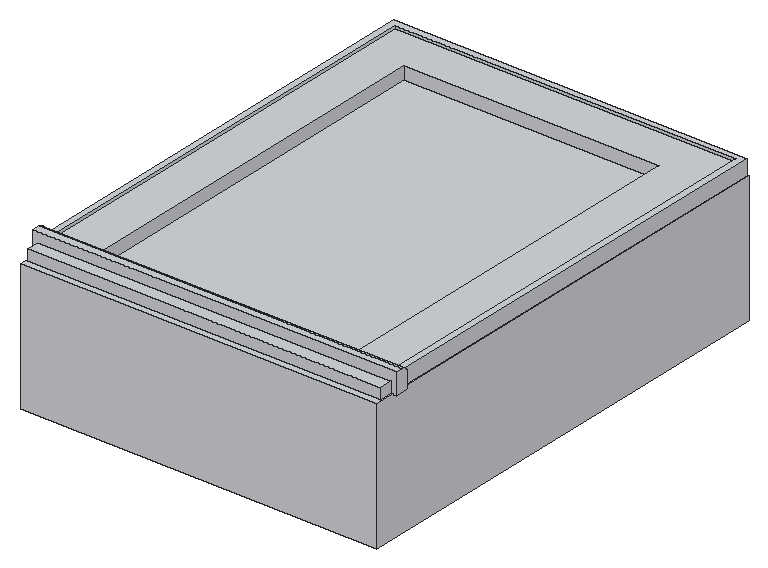
Revit family "M_Moldura-janela-interior-plana-apoio-colonial-1", category Modelos genéricos, Revit 2019
Family settings
  Hospedeiro = Face
  Pode hospedar o vergalhão = Não
  Cota do conector redondo = Utilizar diâmetro
  Tipo de parte = Normal
  Corte com vazios quando carregada = Não
  Compartilhado = Sim
  Ponto de cálculo do ambiente = Não
Parameters (values of type "com escudo")
  Largura da apara = 115 mm
  Espessura da apara = 30 mm
  Material da apara [instance] = none
  Espessura do peitoril = 30 mm
  Largura da abertura [instance] = 600 mm
  Altura da abertura [instance] = 900 mm
  Elevação-padrão = 1200 mm
  Largura do apoio = 15 mm
  Espessura do apoio = 6 mm
  Visibilidade do escudo = yes
  Espessura do escudo = 30 mm
Types (2, lengths in mm): name | Visibilidade do escudo
  com escudo | yes
  sem escudo | no
Reference planes
  plane 1 "Centro (Frente/Trás)": y = 0
  plane 2: z = 0
  plane 3 "Centro (Esquerda/Direita)": x = 0
  plane 4: y = 115
  plane 5 "Esquerda": x = -300
  plane 6 "Direita": x = 300
  plane 7 "Inferior": y = -900
  plane 8: x = 415
  plane 9: x = -415
  plane 10: z = 30
  plane 11: x = 427.7
  plane 12: x = -427.7
  plane 13: y = -930
  plane 14: y = -450
  plane 15: x = -400
  plane 16: x = 400
  plane 17: z = 36
  plane 18: y = -960
  plane 19: z = 25.4
  plane 20: z = 49.05
  plane 21: z = 36.35
  plane 22: y = -912.7
Forms (mm)
  Extrusion 1, solid
    sketch origin (0, 0, 0) x (1, 0, 0) y (0, 1, 0)
      loop
        line (-419.1, 114.3) -> (-419.1, -977.9) -> (419.1, -977.9) -> (419.1, 114.3) -> (-419.1, 114.3)
    from 0 to -304.8
  Extrusion 2, solid, material <- "Material da apara"
    sketch origin (0, 0, 0) x (0, 1, 0) y (0, 0, 1)
      loop
        line (-900, 0) -> (-900, 36.35)
        arc (-900, 36.35) -> (-903.72, 45.33) -> (-912.7, 49.05) r 12.7
        line (-912.7, 49.05) -> (-930, 49.05) -> (-930, 0) -> (-900, 0)
    from -427.7 to 427.7
  Sweep 3, solid, material <- "Material da apara"
    path origin (0, 0, 0) x (1, 0, 0) y (0, 1, 0)
      loop
        line (300, -900) -> (300, 0) -> (-300, 0) -> (-300, -900)
    profile origin (-300, -450, 0) x (1, 0, 0) y (0, 0, 1)
      loop
        line (0, 0) -> (0, 30) -> (-100, 30) -> (-100, 36) -> (-115, 36) -> (-115, 0) -> (0, 0)
  Extrusion 4, solid, material <- "Material da apara", visible <- "Visibilidade do escudo"
    sketch origin (-300, 0, 0) x (0, 1, 0) y (0, 0, 1)
      loop
        line (-930, 25.4) -> (-960, 25.4) -> (-960, 0) -> (-930, 0) -> (-930, 25.4)
    from -115 to 715
Dimensions and locks
  equal spacing: plane 5 "Esquerda", plane 3 "Centro (Esquerda/Direita)", plane 6 "Direita"
  "Largura da abertura": plane 5 "Esquerda" to plane 6 "Direita"
  "Altura da abertura": plane 7 "Inferior" to plane 1 "Centro (Frente/Trás)"
  "Largura da apara": plane 9 to plane 5 "Esquerda"
  "Largura da apara": plane 6 "Direita" to plane 8
  "Largura da apara": plane 1 "Centro (Frente/Trás)" to plane 4
  locked: plane 12 to plane 9 at 12.7
  locked: plane 8 to plane 11 at 12.7
  equal spacing: plane 7 "Inferior", plane 14, plane 1 "Centro (Frente/Trás)"
  "Espessura da apara": plane 10 to plane 2
  "Espessura do peitoril": plane 7 "Inferior" to plane 13
  "Largura do apoio": plane 16 to plane 8
  "Largura do apoio": plane 9 to plane 15
  "Espessura do apoio": plane 10 to plane 17
  "Espessura do escudo": plane 18 to plane 13
  locked: plane 19 to plane 2 at 25.4
  locked: plane 20 to plane 10 at 19.05
  locked: plane 20 to plane 21 at 12.7
  locked: plane 7 "Inferior" to plane 22 at 12.7
  radius of Extrusion 2 sketch curve = 12.7 mm
  locked: Extrusion 2 sketch curve to Extrusion 2 sketch curve (angle 90.00°)
  aligned and locked: plane 2 to Extrusion 1
  aligned and locked: level to Extrusion 1
  aligned and locked: Extrusion 2 sketch curve to level
  aligned and locked: plane 7 "Inferior" to Extrusion 2 sketch curve
  aligned and locked: plane 12 to Extrusion 2
  aligned and locked: Extrusion 2 to plane 11
  aligned and locked: Sweep 3 sketch curve to plane 5 "Esquerda"
  aligned and locked: Sweep 3 sketch curve to plane 1 "Centro (Frente/Trás)"
  aligned and locked: Sweep 3 sketch curve to plane 6 "Direita"
  aligned and locked: plane 7 "Inferior" to Sweep 3 sketch curve  (x2)
  aligned and locked: Sweep 3 sketch curve to plane 2
  aligned and locked: plane 9 to Sweep 3 sketch curve
  aligned and locked: plane 5 "Esquerda" to Sweep 3 sketch curve  (x2)
  aligned and locked: plane 15 to Sweep 3 sketch curve  (x2)
  aligned and locked: Sweep 3 sketch curve to Sweep 3 sketch curve
  aligned and locked: Sweep 3 sketch curve to plane 9
  aligned and locked: plane 2 to Sweep 3 sketch curve
  aligned and locked: Sweep 3 sketch curve to plane 17
  aligned and locked: Sweep 3 sketch curve to plane 10
  aligned and locked: plane 2 to Extrusion 4 sketch curve
  aligned and locked: plane 13 to Extrusion 4 sketch curve
  aligned and locked: plane 19 to Extrusion 4 sketch curve
  aligned and locked: plane 18 to Extrusion 4 sketch curve
  aligned and locked: plane 9 to Extrusion 4
  aligned and locked: Extrusion 4 to plane 8
  aligned and locked: plane 22 to Extrusion 2 sketch curve  (x2)
  aligned and locked: plane 21 to Extrusion 2 sketch curve
  aligned and locked: plane 13 to Extrusion 2 sketch curve
  aligned and locked: Extrusion 2 sketch curve to plane 20
  aligned and locked: plane 20 to Extrusion 2 sketch curve
Automatic sketch dimensions
  Extrusion 1 sketch curve to Extrusion 1 sketch curve = 838.2 mm
  Extrusion 1 sketch curve to Extrusion 1 sketch curve = 1092.2 mm
